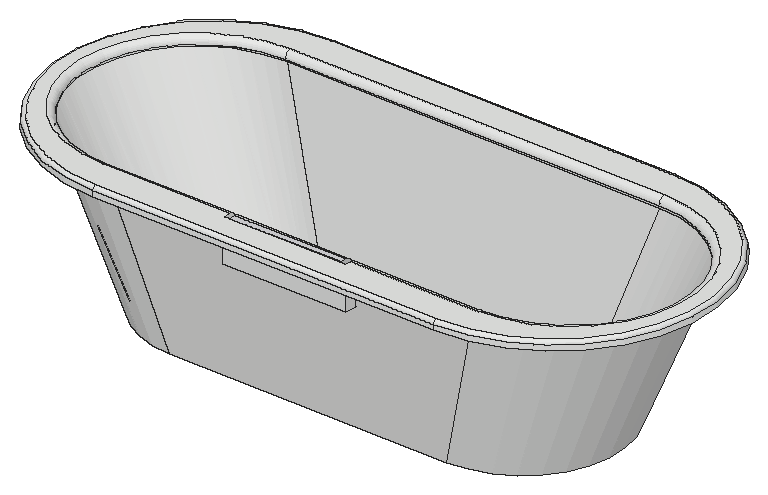
Revit family "Bath-Drop_In-KOHLER-VOLUTE-K-99310T_1", category Plumbing Fixtures, host Face, Revit 2017
Family settings
  Host = Face
  Round Connector Dimension = Use Diameter
  Part Type = Normal
  OmniClass Number = 23.31.15.00
  OmniClass Title = Bathtubs
  Cut with Voids When Loaded = No
  Shared = No
  Room Calculation Point = No
Parameters (values of type "0-White")
  Width = 66 29/32"  # constant formula
  WaterSense Certified = 1 = 0  # no
  Waste Water Outlet = "Waste Water Outlet"  # constant formula
  Waste Connection = 1 = 1  # yes
  Vent Connection = 1 = 0  # no
  URL = "http://www.kohler.com.cn/"
  Type = 1
  Product Page URL = "https://www.kohler.com.cn/product/K-99310T-0/K-99310T-0/"
  Product Name = "VOLUTE"  # constant formula
  Product Documentation Link = "https://files.kohler.com.cn/pdfs/1589433387934_99310T.pdf"
  Model = "K-99310T-0"  # constant formula
  Material = " CAST IRON"  # constant formula
  Master Format 2014 Name = "Residential Bathtubs"  # constant formula
  Master Format 2014 = "22 41 19"  # constant formula
  Manufacturer Address = "Kohler Beijing Office (100016)36-2-03-B, No. 88, Liuxiang Road, Beijing"  # constant formula
  Manufacturer = "KOHLER Co."  # constant formula
  Length = 31 127/256"  # constant formula
  Hot Water Inlet = "Hot Water Inlet"  # constant formula
  Height = 16 119/128"  # constant formula
  HW Connection = 1 = 0  # no
  Finish = KOHLER-Cast_Iron-0-White
  Environmental Product Declaration = ""
  Drain Included = 1 = 1  # yes
  Description = "VOLUTE Built-in cast iron bathtub (round at both ends)"  # constant formula
  Default Elevation = 0"
  Declare Label = ""
  Date Modified = "05/07/2021"  # constant formula
  Date Created = "05/07/2021"  # constant formula
  Copyright = "Copyright KOHLER Co."  # constant formula
  Contact Us = "http://www.kohler.com.cn/contact/contact-us/"
  Cold Water Inlet = "Cold Water Inlet"  # constant formula
  CW Connection = 1 = 0  # no
  Assembly Code = "D2010500"
  ADA Compliant = 1 = 0  # no
Reference planes (in)
  plane 1 "Center (Front/Back)": y = 0
  plane 2: z = 0
  plane 3 "Center (Left/Right)": x = 0
  plane 4: y = 15.74803
  plane 5: y = -15.74806
  plane 6: x = -33.45222
  plane 7: x = 33.45403
  plane 8: x = -23.83978
  plane 9: x = 23.87256
  plane 10: y = 11.53285
  plane 11: y = -11.53854
  plane 12: z = -16.06299
  plane 13: z = 0.8667
Forms (in)
  Extrusion 1, void
    sketch origin (0, 0, 0) x (1, 0, 0) y (0, 1, 0)
      loop
        arc (19.51109, -12.53854) -> (32.29678, 0.24715) -> (19.51109, 13.03285) r 12.7857
        line (19.51109, 13.03285) -> (0.6703, 13.03285) -> (-19.61681, 13.03285)
        arc (-19.61681, 13.03285) -> (-32.40251, 0.24715) -> (-19.61681, -12.53854) r 12.7857
        line (-19.61681, -12.53854) -> (19.51109, -12.53854)
    from -17.75299 to 0
Dimensions and locks (in)
  plane 10 to plane 11 = 23.07139"
  plane 9 to plane 8 = 47.71234"
  "Length": plane 4 to plane 5
  "Height": plane 13 to plane 12
  "Width": plane 6 to plane 7
  aligned and locked: plane 2 to host face
  aligned and locked: level to host face
Automatic sketch dimensions
  host sketch curve to host sketch curve = 96"  (x2)
  Extrusion 1 sketch curve to plane 10 = 1 1/2"
  plane 11 to Extrusion 1 sketch curve = 1"
  Extrusion 1 sketch curve to plane 9 = 4.36147"
  plane 8 to Extrusion 1 sketch curve = 4.22297"
  plane 3 "Center (Left/Right)" to Extrusion 1 sketch curve = 0.6703"
Nested families (in)
  nested 1: "K-99310T" at (0, 0, 0) x (-1, 0, 0) z (0, 0, 1), type "K-99310T"
Connectors (in)
  piping at (0, 0, -16.04801), diameter 1.32813, driven by "Waste Connection", driven by "Waste Water Outlet"
    settings: on nested 1, index 1, connector inside diameter 24", connector length 0", flow factor 0, pipe flow 0 GPM, pressure drop 0.00 psi, fitting loss kfactor 0, connector angle 0.00°, fixture units 0, engagement length 0", angle of deflection 0.00°, flow configuration 0, flow direction 2, fitting loss method 0, system type 16, joint type 0, gender type 0, connector reference index -1, connector utility 1, adjustable connector no, is connector primary yes, connector description "Waste Water Outlet"
Definition of nested family "K-99310T"
  Parameters (values of type "K-99310T")
    Material = none
  Reference planes (in)
    plane 1 "Center (Front/Back)": y = 0
    plane 2: z = 0
    plane 3 "Center (Left/Right)": x = 0
    plane 4: z = -16.06299
    plane 5: y = 11.53285
    plane 6: y = 10.45333
    plane 7: y = 9.97255
    plane 8: y = 9.40518
    plane 9: y = 8.65282
    plane 10: y = 1
    plane 11: y = -1
    plane 12: y = 0.75
    plane 13: y = -0.75
    plane 14: y = -8.65407
    plane 15: y = -9.4064
    plane 16: y = -11.11578
    plane 17: y = -11.16139
    plane 18: y = -11.53854
    plane 19: y = -12.90376
    plane 20: y = -15.74804
    plane 21: x = -33.45222
    plane 22: x = -30.88282
    plane 23: x = -23.83978
    plane 24: x = 23.87256
    plane 25: x = 31.02551
    plane 26: x = 33.45222
    plane 27: z = -3.5546
    plane 28: z = 0.86614
    plane 29: y = 15.74804
    plane 30: y = 12.90377
    plane 31: y = 12.80821
    plane 32: y = 11.07869
    plane 33: x = -6.30858
    plane 34: x = -5.794
    plane 35: x = 5.79207
    plane 36: x = 6.2965
    plane 37: x = -1
    plane 38: x = 1
    plane 39: x = -0.75
    plane 40: x = 0.75
  Forms (in)
    Sweep 1, solid, material <- "Material", detail levels medium+fine
      path origin (0, 0, 0) x (1, 0, 0) y (0, 1, 0)
        loop
          arc (17.70371, -15.74804) -> (33.45174, -0.00001) -> (17.70371, 15.74803) r 15.74803
          line (17.70371, 15.74803) -> (-17.70428, 15.74803)
          arc (-17.70428, 15.74803) -> (-33.45231, -0.00001) -> (-17.70428, -15.74804) r 15.74803
          line (-17.70428, -15.74804) -> (17.70371, -15.74804)
      profile origin (-0.00028, -15.74804, 0) x (0, -1, 0) y (0, 0, 1)
        loop
          line (0, 0) -> (-0.04434, 0.50685)
          arc (-0.04434, 0.50685) -> (-0.17053, 0.76274) -> (-0.43644, 0.86614) r 0.39359
          line (-0.43644, 0.86614) -> (-0.88592, 0.86614) -> (-0.88592, 0) -> (0, 0)
    Sweep 2, solid, material <- "Material", detail levels medium+fine
      path origin (0, 0, 0) x (1, 0, 0) y (0, 1, 0)
        loop
          line (19.48981, 11.53285) -> (-19.34713, 11.53285)
          arc (-19.34713, 11.53285) -> (-30.88282, -0.00285) -> (-19.34713, -11.53854) r 11.5357
          line (-19.34713, -11.53854) -> (19.48981, -11.53854)
          arc (19.48981, -11.53854) -> (31.02551, -0.00285) -> (19.48981, 11.53285) r 11.5357
      profile origin (0.07134, 11.53285, 0) x (0, -1, 0) y (0, 0, 1)
        loop
          arc (0, 0.16319) -> (-0.20589, 0.66025) -> (-0.70295, 0.86614) r 0.70295
          line (-0.70295, 0.86614) -> (-1.36522, 0.86614) -> (-1.36522, 0) -> (0, 0) -> (0, 0.16319)
    Extrusion 3, solid, material <- "Material", detail levels medium+fine
      sketch origin (0, 0, 0) x (1, 0, 0) y (0, 1, 0)
        loop
          line (17.70371, 14.86211) -> (-17.70428, 14.86211)
          arc (-17.70428, 14.86211) -> (-32.56639, -0.00001) -> (-17.70428, -14.86212) r 14.86211
          line (-17.70428, -14.86212) -> (17.70371, -14.86212)
          arc (17.70371, -14.86212) -> (32.56583, -0.00001) -> (17.70371, 14.86211) r 14.86211
        loop
          arc (19.48981, -12.90376) -> (32.39073, -0.00285) -> (19.48981, 12.89807) r 12.90091
          line (19.48981, 12.89807) -> (-19.34713, 12.89807)
          arc (-19.34713, 12.89807) -> (-32.24804, -0.00285) -> (-19.34713, -12.90376) r 12.90091
          line (-19.34713, -12.90376) -> (19.48981, -12.90376)
      from 0 to 0.86614
    Blend 4, solid, material <- "Material", detail levels medium+fine
      base sketch origin (0, 0, 0) x (1, 0, 0) y (0, 1, 0)
        loop
          arc (14.3643, -9.85396) -> (24.21764, -0.00063) -> (14.3643, 9.85271) r 9.85334
          line (14.3643, 9.85271) -> (-14.42237, 9.85271)
          arc (-14.42237, 9.85271) -> (-24.27571, -0.00063) -> (-14.42237, -9.85396) r 9.85334
          line (-14.42237, -9.85396) -> (14.3643, -9.85396)
      top sketch origin (0, 0, 0) x (1, 0, 0) y (0, 1, 0)
        loop
          arc (-19.01411, 12.22035) -> (-31.23144, 0.00301) -> (-19.01411, -12.21432) r 12.21734
          line (-19.01411, -12.21432) -> (19.04454, -12.21432)
          arc (19.04454, -12.21432) -> (31.26187, 0.00301) -> (19.04454, 12.22035) r 12.21734
          line (19.04454, 12.22035) -> (-19.01411, 12.22035)
      from -16.06299 to 0
    Blend 5, void
      base sketch origin (0, 0, 0.75) x (1, 0, 0) y (0, 1, 0)
        loop
          arc (14.32743, -9.35396) -> (23.68077, -0.00063) -> (14.32743, 9.35271) r 9.35334
          line (14.32743, 9.35271) -> (-14.31167, 9.35271)
          arc (-14.31167, 9.35271) -> (-23.66501, -0.00063) -> (-14.31167, -9.35396) r 9.35334
          line (-14.31167, -9.35396) -> (14.32743, -9.35396)
      top sketch origin (0, 0, 0.75) x (1, 0, 0) y (0, 1, 0)
        loop
          arc (19.54923, -11.71432) -> (31.26355, 0) -> (19.54923, 11.71432) r 11.71432
          line (19.54923, 11.71432) -> (-19.50317, 11.71432)
          arc (-19.50317, 11.71432) -> (-31.21749, 0) -> (-19.50317, -11.71432) r 11.71432
          line (-19.50317, -11.71432) -> (19.54923, -11.71432)
      from -16.00177 to -0.33073
    Sweep 6, solid, material <- "Material", detail levels medium+fine
      path origin (-0.01562, 0, 0) x (1, 0, 0) y (0, 1, 0)
        loop
          line (14.42052, 9.85271) -> (-14.39775, 9.85271)
          arc (-14.39775, 9.85271) -> (-24.25109, -0.00063) -> (-14.39775, -9.85396) r 9.85334
          line (-14.39775, -9.85396) -> (14.42052, -9.85396)
          arc (14.42052, -9.85396) -> (24.27386, -0.00063) -> (14.42052, 9.85271) r 9.85334
      profile origin (-0.00424, 9.85271, 0) x (0, -1, 0) y (0, 0, 1)
        loop
          line (0.29995, -14.7825) -> (0.43038, -15.35708) -> (1.52763, -15.29958)
          arc (1.52763, -15.29958) -> (0.86997, -15.14508) -> (0.29995, -14.7825) r 2.02128
    Extrusion 7, void
      sketch origin (0, 0, 0) x (1, 0, 0) y (0, 1, 0)
        loop
          arc (-14.34189, 9.35983) -> (-23.69878, 0.00293) -> (-14.34189, -9.35396) r 9.35689
          line (-14.34189, -9.35396) -> (14.14796, -9.35396)
          arc (14.14796, -9.35396) -> (23.50486, 0.00293) -> (14.14796, 9.35983) r 9.35689
          line (14.14796, 9.35983) -> (-14.34189, 9.35983)
      from -16.5212 to -15.6483
    Revolve 8, solid, detail levels medium+fine
      sketch origin (0, 0, 0) x (1, 0, 0) y (0, 0, 1)
        loop
          line (-0.6496, -16.06299) -> (0, -16.06299) -> (0, -15.01497)
          arc (0, -15.01497) -> (-0.36265, -15.02775) -> (-0.72352, -15.06574) r 5.20891
          arc (-0.72352, -15.06574) -> (-0.95407, -15.10329) -> (-1.18277, -15.15081) r 5.37846
          arc (-1.18277, -15.15081) -> (-1.27519, -15.17291) -> (-1.36725, -15.19651) r 5.84873
          arc (-1.36725, -15.19651) -> (-1.38791, -15.2273) -> (-1.36005, -15.25177) r 0.0281
          line (-1.36005, -15.25177) -> (-0.6496, -15.25177) -> (-0.6496, -16.06299)
        axis (0, -15.01497) -> (0, -16.06299)
      angle from 0 to 360
    Extrusion 9, solid, material <- "Material", detail levels medium+fine
      sketch origin (0, 0, 0) x (1, 0, 0) y (0, 1, 0)
        loop
          line (16.36647, -5.88901) -> (16.47638, -6.29922) -> (16.98819, -6.29922) -> (17.09811, -5.88901) -> (17.00788, -5.88901)
          arc (17.00788, -5.88901) -> (16.86082, -5.82302) -> (16.81236, -5.6693) r 0.19685
          line (16.81236, -5.6693) -> (16.65221, -5.6693)
          arc (16.65221, -5.6693) -> (16.60375, -5.82302) -> (16.4567, -5.88901) r 0.19685
          line (16.4567, -5.88901) -> (16.36647, -5.88901)
        loop
          line (16.36647, 5.88901) -> (16.4567, 5.88901)
          arc (16.4567, 5.88901) -> (16.60375, 5.82302) -> (16.65221, 5.6693) r 0.19685
          line (16.65221, 5.6693) -> (16.81236, 5.6693)
          arc (16.81236, 5.6693) -> (16.86082, 5.82302) -> (17.00788, 5.88901) r 0.19685
          line (17.00788, 5.88901) -> (17.09811, 5.88901) -> (16.98819, 6.29922) -> (16.47638, 6.29922) -> (16.36647, 5.88901)
        loop
          line (-16.36647, -5.88901) -> (-16.4567, -5.88901)
          arc (-16.4567, -5.88901) -> (-16.60375, -5.82302) -> (-16.65221, -5.6693) r 0.19685
          line (-16.65221, -5.6693) -> (-16.81236, -5.6693)
          arc (-16.81236, -5.6693) -> (-16.86082, -5.82302) -> (-17.00788, -5.88901) r 0.19685
          line (-17.00788, -5.88901) -> (-17.09811, -5.88901) -> (-16.98819, -6.29922) -> (-16.47638, -6.29922) -> (-16.36647, -5.88901)
        loop
          line (-16.36647, 5.88901) -> (-16.47638, 6.29922) -> (-16.98819, 6.29922) -> (-17.09811, 5.88901) -> (-17.00788, 5.88901)
          arc (-17.00788, 5.88901) -> (-16.86082, 5.82302) -> (-16.81236, 5.6693) r 0.19685
          line (-16.81236, 5.6693) -> (-16.65221, 5.6693)
          arc (-16.65221, 5.6693) -> (-16.60375, 5.82302) -> (-16.4567, 5.88901) r 0.19685
          line (-16.4567, 5.88901) -> (-16.36647, 5.88901)
      from -16.07503 to -15.40967
    Sweep 10, solid, material <- "Material", detail levels coarse
      path origin (0, 0, 0) x (1, 0, 0) y (0, 1, 0)
        loop
          line (17.70371, 15.74803) -> (-17.70428, 15.74803)
          arc (-17.70428, 15.74803) -> (-33.45231, -0.00001) -> (-17.70428, -15.74804) r 15.74803
          line (-17.70428, -15.74804) -> (17.70371, -15.74804)
          arc (17.70371, -15.74804) -> (33.45174, -0.00001) -> (17.70371, 15.74803) r 15.74803
      profile origin (-0.00028, 15.74803, 0) x (0, -1, 0) y (0, 0, 1)
        loop
          line (0, 0) -> (4.52756, 0) -> (4.52756, 0.98425) -> (0, 0.98425) -> (0, 0)
    Blend 11, solid, material <- "Material", detail levels coarse
      base sketch origin (0, 0, 0) x (1, 0, 0) y (0, 1, 0)
        loop
          line (-14.42237, -9.85396) -> (14.3643, -9.85396)
          arc (14.3643, -9.85396) -> (24.21764, -0.00063) -> (14.3643, 9.85271) r 9.85334
          line (14.3643, 9.85271) -> (-14.42237, 9.85271)
          arc (-14.42237, 9.85271) -> (-24.27571, -0.00063) -> (-14.42237, -9.85396) r 9.85334
      top sketch origin (0, 0, 0) x (1, 0, 0) y (0, 1, 0)
        loop
          arc (-19.34713, 11.53285) -> (-30.88282, -0.00285) -> (-19.34713, -11.53854) r 11.5357
          line (-19.34713, -11.53854) -> (19.48981, -11.53854)
          arc (19.48981, -11.53854) -> (31.02551, -0.00285) -> (19.48981, 11.53285) r 11.5357
          line (19.48981, 11.53285) -> (-19.34713, 11.53285)
      from -16.06299 to 0
    Blend 12, void
      base sketch origin (0, 0, 0.7874) x (1, 0, 0) y (0, 1, 0)
        loop
          line (-14.42237, -9.85396) -> (14.3643, -9.85396)
          arc (14.3643, -9.85396) -> (24.21764, -0.00063) -> (14.3643, 9.85271) r 9.85334
          line (14.3643, 9.85271) -> (-14.42237, 9.85271)
          arc (-14.42237, 9.85271) -> (-24.27571, -0.00063) -> (-14.42237, -9.85396) r 9.85334
      top sketch origin (0, 0, 0.7874) x (1, 0, 0) y (0, 1, 0)
        loop
          arc (-19.34713, 11.53285) -> (-30.88282, -0.00285) -> (-19.34713, -11.53854) r 11.5357
          line (-19.34713, -11.53854) -> (19.48981, -11.53854)
          arc (19.48981, -11.53854) -> (31.02551, -0.00285) -> (19.48981, 11.53285) r 11.5357
          line (19.48981, 11.53285) -> (-19.34713, 11.53285)
      from -16.06299 to 0
    Extrusion 13, void
      sketch origin (0, 0, 0) x (1, 0, 0) y (0, 0, -1)
        loop
          arc (6.1791, 2.49568) -> (5.84474, 3.24666) -> (5.08255, 3.5546) r 1.09722
          line (5.08255, 3.5546) -> (-5.14947, 3.5546)
          arc (-5.14947, 3.5546) -> (-5.85413, 3.2712) -> (-6.16635, 2.57884) r 1.01775
          line (-6.16635, 2.57884) -> (-6.32363, -1.2305) -> (6.30922, -1.2305) -> (6.1791, 2.49568)
      from 10.82827 to 12.90376
    Extrusion 14, solid, detail levels medium+fine
      sketch origin (0, -0.04575, 0) x (0, -1, 0) y (0, 0, -1)
        loop
          arc (-12.24282, -0.86614) -> (-11.80507, -0.69893) -> (-11.59027, -0.28246) r 0.65662
          line (-11.59027, -0.28246) -> (-11.16139, 3.5546) -> (-12.85396, 3.5546) -> (-12.85396, -0.86614) -> (-12.24282, -0.86614)
      from -5.794 to 5.79207
    Extrusion 15, solid, material <- "Material", detail levels medium+fine
      sketch origin (0, 0, 0) x (0, -1, 0) y (0, 0, -1)
        loop
          line (-12.21432, 0) -> (-11.69199, 3.5546) -> (-12.90376, 3.5546) -> (-12.90376, 0) -> (-12.21432, 0)
      from -6.34568 to 6.41577
  Cuts and joins
    Extrusion 13 cuts Sweep 1
    Extrusion 13 cuts Sweep 2
    Extrusion 13 cuts Extrusion 3
    Blend 5, Extrusion 7, Extrusion 13 cuts Blend 4
    Extrusion 13 cuts Sweep 6
    Extrusion 13 cuts Extrusion 9
    joined: Sweep 1, Sweep 2, Extrusion 3, Blend 4, Sweep 6, Extrusion 9
    Blend 12 cuts Blend 11
    joined: Sweep 10, Blend 11
  Lines and regions (in)
    Masking region 1
      outline origin (0, 0, 0) x (1, 0, 0) y (0, 1, 0)
        loop
          line (17.70371, 15.74803) -> (-17.70428, 15.74803)
          arc (-17.70428, 15.74803) -> (-33.45231, -0.00001) -> (-17.70428, -15.74804) r 15.74803
          line (-17.70428, -15.74804) -> (17.70371, -15.74804)
          arc (17.70371, -15.74804) -> (33.45174, -0.00001) -> (17.70371, 15.74803) r 15.74803
    Masking region 2
      outline origin (0, 0, 0) x (1, 0, 0) y (0, 0, 1)
        loop
          line (33.01681, 0.86566) -> (-33.01829, 0.86566)
          arc (-33.01829, 0.86566) -> (-33.28237, 0.76296) -> (-33.4077, 0.50883) r 0.3909
          line (-33.4077, 0.50883) -> (-33.45222, 0) -> (-31.23144, 0) -> (-24.27571, -16.06299) -> (24.21764, -16.06299) -> (31.26187, 0) -> (33.45174, 0) -> (33.40731, 0.50783)
          arc (33.40731, 0.50783) -> (33.28164, 0.76267) -> (33.01681, 0.86566) r 0.39199
    Masking region 3
      outline origin (0, 0, 0) x (0, 1, 0) y (0, 0, 1)
        loop
          arc (-15.31138, 0.8668) -> (-15.5774, 0.76335) -> (-15.70365, 0.50735) r 0.39377
          line (-15.70365, 0.50735) -> (-15.74804, 0) -> (-12.90376, 0) -> (-12.90376, -3.5546) -> (-11.69199, -3.5546) -> (-9.85396, -16.06299) -> (9.85271, -16.06299) -> (12.22035, 0) -> (15.74803, 0) -> (15.70358, 0.50799)
          arc (15.70358, 0.50799) -> (15.57756, 0.76353) -> (15.31201, 0.8668) r 0.39307
          line (15.31201, 0.8668) -> (-15.31138, 0.8668)
    symbolic lines
      curve 1: line (-19.34713, 11.53285, 0) -> (-0.587, 11.53285, 0)
      curve 2: arc (-19.34713, 11.53285, 0) -> (-30.88282, -0.00285, 0) -> (-19.34713, -11.53854, 0) r 11.5357
      curve 3: line (19.48981, -11.53854, 0) -> (-19.34713, -11.53854, 0)
      curve 4: arc (19.48981, -11.53854, 0) -> (31.02551, -0.00285, 0) -> (19.48981, 11.53285, 0) r 11.5357
      curve 13: circle (0, 0, 0) r 1 normal (0, 0, 1)
      curve 34: line (-0.587, 11.53285, 0) -> (19.48981, 11.53285, 0)
    symbolic lines, detail levels medium+fine
      curve 5: line (14.44346, -9.4064, 0) -> (14.44347, 9.40518, 0)
      curve 6: arc (14.4049, -8.65407, 0) -> (23.05834, -0.00063, 0) -> (14.4049, 8.65282, 0) r 8.65344
      curve 7: line (14.4049, 8.65282, 0) -> (-14.41338, 8.65282, 0)
      curve 8: line (14.44347, 9.40518, 0) -> (-14.41338, 9.40518, 0)
      curve 9: line (-14.41338, -8.65407, 0) -> (14.4049, -8.65407, 0)
      curve 10: line (14.44346, -9.4064, 0) -> (-14.41338, -9.4064, 0)
      curve 11: arc (-14.42701, 9.40395, 0) -> (-23.83978, -0.00061, 0) -> (-14.427, -9.40517, 0) r 9.40456
      curve 12: arc (-14.41338, 8.65282, 0) -> (-23.06682, -0.00063, 0) -> (-14.41338, -8.65407, 0) r 8.65344
      curve 14: circle (0, 0, 0) r 0.75 normal (0, 0, 1)
      curve 15: line (-6.34568, 0, 0) -> (-6.34568, 0, -3.5546)
      curve 16: line (-6.34568, 0, -3.5546) -> (6.41577, 0, -3.5546)
      curve 17: line (-5.794, 0, 0) -> (-5.794, 0, -3.5546)
      curve 18: line (5.79207, 0, -3.5546) -> (5.79207, 0, 0)
      curve 19: line (6.41577, 0, -3.5546) -> (6.41577, 0, 0)
      curve 20: line (-31.23144, 0, 0) -> (31.26187, 0, 0)
      curve 21: line (0, -11.69192, -3.55514) -> (0, -12.21432, 0)
      curve 22: line (0, 12.22035, 0) -> (0, -12.90376, 0)
      curve 23: line (6.2965, 12.90376, 0) -> (-6.30858, 12.90376, 0)
      curve 24: line (-6.30858, 12.90376, 0) -> (-6.30858, 11.54109, 0)
      curve 25: line (-5.794, 12.80821, 0) -> (-5.794, 11.11563, 0)
      curve 26: line (5.79207, 12.80821, 0) -> (-5.794, 12.80821, 0)
      curve 27: line (-6.16635, 11.18075, 0) -> (-6.30858, 11.54109, 0)
      curve 28: spline (-5.16948, 11.07869, 0) -> (-5.29733, 11.07983, 0) -> (-5.4228, 11.08263, 0) -> (-5.54389, 11.08704, 0) -> (-5.6587, 11.093, 0) -> (-5.76541, 11.10042, 0) -> (-5.86233, 11.10916, 0) -> (-5.94793, 11.11911, 0) -> (-6.02086, 11.13009, 0) -> (-6.07995, 11.14194, 0) -> (-6.12428, 11.15447, 0) -> (-6.15315, 11.16747, 0) -> (-6.1661, 11.18075, 0)
      curve 29: line (5.10426, 11.07869, 0) -> (-5.16948, 11.07869, 0)
      curve 30: spline (6.17882, 11.18945, 0) -> (6.16565, 11.17507, 0) -> (6.13515, 11.16097, 0) -> (6.08782, 11.14738, 0) -> (6.0244, 11.13453, 0) -> (5.94592, 11.1226, 0) -> (5.85361, 11.1118, 0) -> (5.74896, 11.1023, 0) -> (5.63364, 11.09425, 0) -> (5.50947, 11.08777, 0) -> (5.37845, 11.08297, 0) -> (5.24266, 11.07993, 0) -> (5.10426, 11.07869, 0)
      curve 31: line (6.2965, 11.54109, 0) -> (6.1791, 11.18945, 0)
      curve 32: line (6.2965, 12.90376, 0) -> (6.2965, 11.54109, 0)
      curve 33: line (5.79207, 11.11563, 0) -> (5.79207, 12.80821, 0)
  Dimensions and locks (in)
    plane 21 to plane 26 = 66.90443"
    equal spacing: plane 21, plane 3 "Center (Left/Right)", plane 26
    equal spacing: plane 29, plane 1 "Center (Front/Back)", plane 20
    plane 29 to plane 20 = 31 127/256"
    plane 28 to plane 4 = 16.92913"
    aligned and locked: plane 2 to level
  Automatic sketch dimensions
    curve 22 to level = 0"
    curve 22 to plane 19 = 0"
    curve 21 to plane 18 = 173/256"
    curve 21 to plane 27 = 0.00054"
    curve 21 to plane 18 = 0.15337"
    plane 5 to curve 22 = 11/16"
    curve 20 to level = 0"
    curve 16 to plane 27 = 0"
    curve 20 to plane 22 = 0.34862"
    plane 25 to curve 20 = 0.23636"
    Sweep 1 sketch curve to plane 20 = 0"
    plane 23 to Sweep 1 sketch curve = 6.1355"
    Sweep 1 sketch curve to plane 24 = 6.16885"
    plane 1 "Center (Front/Back)" to Sweep 1 sketch curve = 0"
    Sweep 1 sketch curve to level = 0"
    Sweep 1 sketch curve to profile plane = 0"
    profile plane to Sweep 1 sketch curve = 0.04434"
    Sweep 1 sketch curve to Sweep 1 sketch curve = 0.39209"
    Sweep 1 sketch curve to Sweep 1 sketch curve = 0.44948"
    level to Sweep 1 sketch curve = 0.47255"
    Sweep 1 sketch curve to Sweep 1 sketch curve = 0.0343"
    Sweep 2 sketch curve to plane 5 = 0"
    Sweep 2 sketch curve to plane 18 = 0"
    plane 23 to Sweep 2 sketch curve = 4.49265"
    Sweep 2 sketch curve to plane 24 = 4.38275"
    Sweep 2 sketch curve to level = 0"
    Sweep 2 sketch curve to profile plane = 0"
    level to Sweep 2 sketch curve = 0.16319"
    Sweep 2 sketch curve to Sweep 2 sketch curve = 0.70295"
    Sweep 2 sketch curve to Sweep 2 sketch curve = 0.66227"
    Extrusion 3 sketch curve to plane 19 = 0"
    plane 23 to Extrusion 3 sketch curve = 4.49265"
    plane 20 to Extrusion 3 sketch curve = 0.88592"
    Extrusion 3 sketch curve to Extrusion 3 sketch curve = 1.64285"
    plane 1 "Center (Front/Back)" to Extrusion 3 sketch curve = 0"
    Extrusion 3 sketch curve to plane 24 = 6.16885"
    plane 1 "Center (Front/Back)" to Extrusion 3 sketch curve = 0.00285"
    Extrusion 3 sketch curve to Extrusion 3 sketch curve = 1.7861"
    Blend 4 sketch curve to plane 15 = 0.44756"
    plane 1 "Center (Front/Back)" to Blend 4 sketch curve = 0.00063"
    plane 5 to Blend 4 sketch curve = 11/16"
    plane 23 to Blend 4 sketch curve = 4.82567"
    Blend 4 sketch curve to plane 24 = 4.82802"
    Blend 4 sketch curve to plane 1 "Center (Front/Back)" = 0.00301"
    plane 15 to Blend 5 sketch curve = 0.05244"
    Blend 5 sketch curve to plane 8 = 0.05247"
    plane 1 "Center (Front/Back)" to Blend 5 sketch curve = 0"
    Blend 5 sketch curve to plane 18 = 45/256"
    plane 23 to Blend 5 sketch curve = 4.33661"
    Blend 5 sketch curve to plane 24 = 4.32333"
    Sweep 6 sketch curve to plane 15 = 0.44756"
    plane 1 "Center (Front/Back)" to Sweep 6 sketch curve = 0.00063"
    Sweep 6 sketch curve to profile plane = 0.29995"
    Sweep 6 sketch curve to profile plane = 0.43038"
    Sweep 6 sketch curve to Sweep 6 sketch curve = 1.09724"
    Sweep 6 sketch curve to profile plane = 1.65455"
    Sweep 6 sketch curve to level = 15.35708"
    Sweep 6 sketch curve to Sweep 6 sketch curve = 0.0575"
    Sweep 6 sketch curve to Sweep 6 sketch curve = 0.57458"
    Extrusion 7 sketch curve to plane 8 = 0.04535"
    plane 15 to Extrusion 7 sketch curve = 0.05244"
    Revolve 8 sketch curve to plane 4 = 0"
    Revolve 8 sketch curve to plane 3 "Center (Left/Right)" = 0"  (x2)
    plane 3 "Center (Left/Right)" to Revolve 8 sketch curve = 0.00195"
    plane 3 "Center (Left/Right)" to Revolve 8 sketch curve = 0.02557"
    plane 3 "Center (Left/Right)" to Revolve 8 sketch curve = 0.13122"
    Revolve 8 sketch curve to plane 4 = 4.16089"
    Revolve 8 sketch curve to Revolve 8 sketch curve = 0.16791"
    Revolve 8 sketch curve to Revolve 8 sketch curve = 0.45825"
    plane 4 to Revolve 8 sketch curve = 0.81122"
    Revolve 8 sketch curve to Revolve 8 sketch curve = 0.0281"
    Revolve 8 sketch curve to Revolve 8 sketch curve = 0.23679"
    Revolve 8 sketch curve to Revolve 8 sketch curve = 0"  (x2)
    Revolve 8 sketch curve to Revolve 8 sketch curve = 0.19225"
    plane 4 to Revolve 8 sketch curve = 0.41469"
    plane 14 to Extrusion 9 sketch curve = 2.76505"  (x2)
    plane 23 to Extrusion 9 sketch curve = 6.74168"  (x2)
    Extrusion 9 sketch curve to plane 9 = 2.7638"  (x3)
    Extrusion 9 sketch curve to Extrusion 9 sketch curve = 0.09023"  (x8)
    Extrusion 9 sketch curve to plane 9 = 2.3536"  (x2)
    Extrusion 9 sketch curve to Extrusion 9 sketch curve = 0.01969"  (x4)
    Extrusion 9 sketch curve to Extrusion 9 sketch curve = 0.19552"  (x8)
    Extrusion 9 sketch curve to Extrusion 9 sketch curve = 41/256"  (x4)
    Extrusion 9 sketch curve to Extrusion 9 sketch curve = 0.51181"  (x4)
    Extrusion 9 sketch curve to plane 24 = 7.50609"  (x2)
    plane 14 to Extrusion 9 sketch curve = 2.35485"
    Extrusion 9 sketch curve to Extrusion 9 sketch curve = 0.4102"  (x3)
    Extrusion 9 sketch curve to Extrusion 9 sketch curve = 0.19685"  (x2)
    Extrusion 9 sketch curve to Extrusion 9 sketch curve = 0.21972"  (x2)
    Extrusion 9 sketch curve to Extrusion 9 sketch curve = 0.02287"
    Masking region 1 sketch curve to plane 20 = 0"
    Masking region 1 sketch curve to plane 29 = 0"
    plane 23 to Masking region 1 sketch curve = 6.1355"
    Masking region 1 sketch curve to plane 24 = 6.16885"
    Masking region 2 sketch curve to level = 0"  (x2)
    Masking region 2 sketch curve to plane 21 = 0"
    Masking region 2 sketch curve to plane 4 = 0"
    plane 21 to Masking region 2 sketch curve = 0.04452"
    Masking region 2 sketch curve to plane 28 = 0.00048"
    plane 21 to Masking region 2 sketch curve = 0.43393"
    Masking region 2 sketch curve to plane 22 = 0.34862"
    Masking region 2 sketch curve to plane 23 = 0.43592"
    plane 24 to Masking region 2 sketch curve = 0.34508"
    plane 25 to Masking region 2 sketch curve = 0.23636"
    Masking region 2 sketch curve to plane 26 = 0.4354"
    Masking region 2 sketch curve to plane 26 = 0.0449"
    Masking region 2 sketch curve to plane 26 = 0.00047"
    Masking region 2 sketch curve to Masking region 2 sketch curve = 0.39199"
    Masking region 2 sketch curve to Masking region 2 sketch curve = 0.3909"
    Masking region 3 sketch curve to level = 0"  (x2)
    Masking region 3 sketch curve to plane 20 = 0"
    Masking region 3 sketch curve to plane 19 = 0"
    Masking region 3 sketch curve to plane 27 = 0"
    Masking region 3 sketch curve to plane 4 = 0"
    plane 20 to Masking region 3 sketch curve = 0.04439"
    Masking region 3 sketch curve to Masking region 3 sketch curve = 0.39227"
    Masking region 3 sketch curve to plane 18 = 0.15345"
    Masking region 3 sketch curve to plane 15 = 0.44756"
    Masking region 3 sketch curve to plane 7 = 0.11984"
    plane 5 to Masking region 3 sketch curve = 11/16"
    Masking region 3 sketch curve to plane 29 = 0.43602"
    Masking region 3 sketch curve to plane 29 = 0.04445"
    Masking region 3 sketch curve to plane 29 = 0"
    Masking region 3 sketch curve to plane 28 = 0.39311"
    level to Masking region 3 sketch curve = 0.47374"
    Masking region 3 sketch curve to plane 28 = 0.35879"
    Sweep 10 sketch curve to plane 20 = 0"
    Sweep 10 sketch curve to plane 29 = 0"
    plane 23 to Sweep 10 sketch curve = 6.1355"
    Sweep 10 sketch curve to plane 24 = 6.16885"
    Sweep 10 sketch curve to profile plane = 0"
    Sweep 10 sketch curve to level = 0"
    level to Sweep 10 sketch curve = 0.98425"
    Sweep 10 sketch curve to profile plane = 4.52756"
    plane 1 "Center (Front/Back)" to Blend 11 sketch curve = 0.00063"
    Blend 11 sketch curve to plane 15 = 0.44756"
    Blend 11 sketch curve to plane 5 = 0"
    Blend 11 sketch curve to plane 18 = 0"
    plane 23 to Blend 11 sketch curve = 4.49265"
    Blend 11 sketch curve to plane 24 = 4.38275"
    plane 1 "Center (Front/Back)" to Blend 12 sketch curve = 0.00063"
    Blend 12 sketch curve to plane 15 = 0.44756"
    Blend 12 sketch curve to plane 5 = 0"
    Blend 12 sketch curve to plane 18 = 0"
    plane 23 to Blend 12 sketch curve = 4.49265"
    Blend 12 sketch curve to plane 24 = 4.38275"
    Extrusion 13 sketch curve to plane 27 = 0"
    plane 27 to Extrusion 13 sketch curve = 0.97577"
    plane 27 to Extrusion 13 sketch curve = 1.05893"
    plane 28 to Extrusion 13 sketch curve = 0.36436"
    Extrusion 14 sketch curve to plane 28 = 0"
    Extrusion 14 sketch curve to plane 27 = 0"
    Extrusion 14 sketch curve to plane 5 = 1.27536"
    Extrusion 14 sketch curve to level = 0.20952"
    Extrusion 14 sketch curve to plane 5 = 0.66422"
    Extrusion 14 sketch curve to plane 5 = 0.01166"
    plane 5 to Extrusion 14 sketch curve = 0.41722"
    Extrusion 15 sketch curve to plane 27 = 0"
    Extrusion 15 sketch curve to level = 0"
    Extrusion 15 sketch curve to plane 5 = 1.37091"
    Extrusion 15 sketch curve to plane 5 = 0.68147"
    Extrusion 15 sketch curve to plane 5 = 0.15914"
    curve 13 to curve 14 = 0"  (x2)
    curve 3 to plane 18 = 0"
    curve 8 to plane 8 = 0"
    curve 12 to plane 14 = 0"
    curve 12 to plane 9 = 0"
    curve 10 to plane 15 = 0"
    plane 1 "Center (Front/Back)" to curve 13 = 0"
    curve 13 to plane 3 "Center (Left/Right)" = 0"
    plane 1 "Center (Front/Back)" to curve 11 = 0.00061"
    curve 11 to curve 12 = 0.02184"
    plane 23 to curve 1 = 4.49265"
    curve 6 to curve 5 = 0.03856"
    curve 7 to curve 8 = 0.03857"
    curve 34 to plane 24 = 4.38275"
    curve 10 to curve 9 = 0"
    curve 8 to curve 7 = 0"
    plane 15 to curve 11 = 0.00123"
    curve 11 to curve 10 = 0.01362"
    curve 11 to plane 8 = 0.00123"
    plane 5 to curve 23 = 1.37091"
    curve 25 to curve 23 = 0.09555"
    curve 25 to plane 5 = 0.41722"
    curve 29 to plane 5 = 0.45416"
    curve 28 to curve 27 = 0.00049"
    curve 27 to curve 28 = 0.00026"
    curve 29 to curve 28 = 0.02291"
    curve 27 to plane 5 = 0.3521"
    curve 27 to curve 28 = 0"
    plane 5 to curve 27 = 0.00824"
    curve 30 to curve 29 = 0.02485"
    curve 30 to curve 30 = 0.00056"
    curve 30 to plane 5 = 0.3434"
    curve 30 to curve 31 = 0.00028"
    curve 32 to curve 24 = 0"
    curve 31 to curve 30 = 0"
    curve 33 to curve 30 = 0.07382"
    curve 28 to curve 1 = 4.55958"
    curve 34 to plane 5 = 0"
    curve 2 to curve 11 = 4.91191"
    curve 1 to plane 3 "Center (Left/Right)" = 0.587"
    curve 24 to curve 1 = 5.72158"
    curve 23 to curve 26 = 0.51459"
    curve 34 to curve 29 = 5.69126"
    curve 34 to curve 26 = 6.37908"
    curve 34 to curve 32 = 6.8835"
    curve 9 to curve 3 = 5.08492"
    plane 32 to curve 28 = 0.10611"
    curve 30 to curve 31 = 0.11768"
    curve 16 to plane 3 "Center (Left/Right)" = 6.34568"
    plane 3 "Center (Left/Right)" to curve 16 = 6.41577"
    curve 15 to curve 17 = 0.55169"
    curve 18 to curve 16 = 0.62369"
    plane 23 to Blend 4 sketch curve = 9.41741"
    Blend 4 sketch curve to plane 24 = 9.50826"
    plane 23 to Blend 5 sketch curve = 9.52811"
    Blend 5 sketch curve to plane 24 = 9.54513"
    plane 23 to Sweep 6 sketch curve = 9.4264"
    Sweep 6 sketch curve to plane 24 = 9.46766"
    plane 23 to Extrusion 7 sketch curve = 9.4979"
    Extrusion 7 sketch curve to plane 24 = 9.7246"
    Revolve 8 sketch curve to Revolve 8 sketch curve = 0.17728"
    Revolve 8 sketch curve to Revolve 8 sketch curve = 0.07392"
    plane 23 to Blend 11 sketch curve = 9.41741"
    Blend 11 sketch curve to plane 24 = 9.50826"
    plane 23 to Blend 12 sketch curve = 9.41741"
    Blend 12 sketch curve to plane 24 = 9.50826"
    Extrusion 13 sketch curve to plane 3 "Center (Left/Right)" = 6.32363"
    Extrusion 13 sketch curve to Extrusion 13 sketch curve = 0.15727"
    plane 27 to Extrusion 13 sketch curve = 1.01775"
    plane 27 to Extrusion 13 sketch curve = 1.09722"
    plane 3 "Center (Left/Right)" to Extrusion 13 sketch curve = 5.08255"
    Extrusion 13 sketch curve to Extrusion 13 sketch curve = 0.13012"
    radius of curve 13 = 1"
    radius of curve 14 = 3/4"
